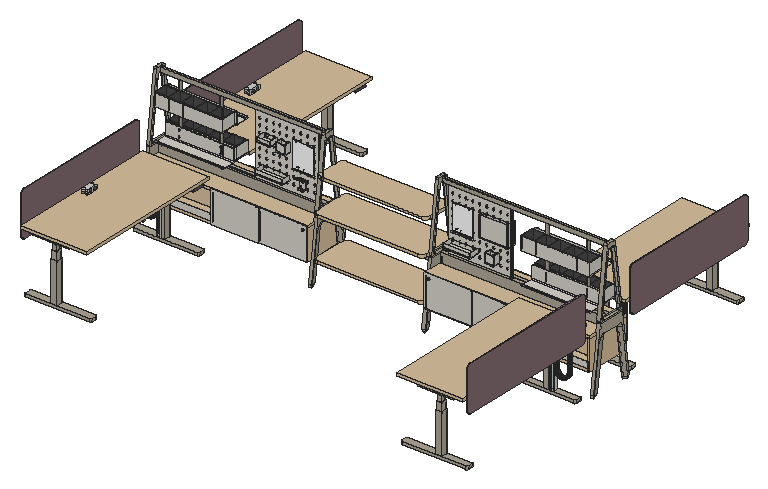
Revit family "Layout-Teknion-Expansion_Cityline_Upper_Structure_01-R2021", category Furniture Systems, Revit 2021 (continued)
Definition of nested family "Electrical-Teknion-JNHEA_Vertical_Wire_Carrier-R2021"
  Dimensions and locks (in)
    plane 1 "Center Front/Back" to Sweep 7 sketch curve to Sweep 7 sketch curve = 1.52756" locked, 0.60236" locked
    Sweep 7 sketch curve to plane 11 to Sweep 7 sketch curve to Sweep 7 sketch curve to Sweep 7 sketch curve to Sweep 7 sketch curve to Sweep 7 sketch curve to Sweep 7 sketch curve to Sweep 7 sketch curve to Sweep 7 sketch curve to Sweep 7 sketch curve to Sweep 7 sketch curve to Sweep 7 sketch curve to Sweep 7 sketch curve to Sweep 7 sketch curve to Sweep 7 sketch curve to Sweep 7 sketch curve to Sweep 7 sketch curve to Sweep 7 sketch curve to Sweep 7 sketch curve to Sweep 7 sketch curve to Sweep 7 sketch curve to Sweep 7 sketch curve to Sweep 7 sketch curve to Sweep 7 sketch curve to Sweep 7 sketch curve to Sweep 7 sketch curve to Sweep 7 sketch curve to Sweep 7 sketch curve to Sweep 7 sketch curve to Sweep 7 sketch curve to Sweep 7 sketch curve to Sweep 7 sketch curve to Sweep 7 sketch curve to Sweep 7 sketch curve to Sweep 7 sketch curve to Sweep 7 sketch curve to Sweep 7 sketch curve to Sweep 7 sketch curve to Sweep 7 sketch curve to Sweep 7 sketch curve to Sweep 7 sketch curve to Sweep 7 sketch curve to Sweep 7 sketch curve = 0.37992" locked, 0.37992" locked, 0.37992" locked, 0.37992" locked, 0.37992" locked, 0.37992" locked, 0.37992" locked, 0.37992" locked, 0.37992" locked, 0.37992" locked, 0.37992" locked, 0.37992" locked, 0.37992" locked, 0.37992" locked, 0.37992" locked, 0.37992" locked, 0.37992" locked, 0.37992" locked, 0.37992" locked, 0.37992" locked, 0.37992" locked, 0.37992" locked, 0.37992" locked, 0.37992" locked, 0.37992" locked, 0.37992" locked, 0.37992" locked, 0.37992" locked, 0.37992" locked, 0.37992" locked, 0.37992" locked, 0.37992" locked, 0.37992" locked, 0.37992" locked, 0.37992" locked, 0.37992" locked, 0.37992" locked, 0.37992" locked, 0.37992" locked, 0.37992" locked, 0.37992" locked, 0.37992" locked, 0.37992" locked
    plane 11 to Sweep 7 sketch curve to Sweep 7 sketch curve to Sweep 7 sketch curve to Sweep 7 sketch curve to Sweep 7 sketch curve to Sweep 7 sketch curve to Sweep 7 sketch curve to Sweep 7 sketch curve to Sweep 7 sketch curve to Sweep 7 sketch curve to Sweep 7 sketch curve to Sweep 7 sketch curve to Sweep 7 sketch curve to Sweep 7 sketch curve to Sweep 7 sketch curve to Sweep 7 sketch curve = 9.79947" locked, 0.37992" locked, 0.37992" locked, 0.37992" locked, 0.37992" locked, 0.37992" locked, 0.37992" locked, 0.37992" locked, 0.37992" locked, 0.37992" locked, 0.37992" locked, 0.37992" locked, 0.37992" locked, 0.37992" locked, 0.37992" locked, 0.37992" locked
    Sweep 7 sketch curve to Sweep 7 sketch curve to Sweep 7 sketch curve to Sweep 7 sketch curve to Sweep 7 sketch curve to Sweep 7 sketch curve to Sweep 7 sketch curve to Sweep 7 sketch curve to Sweep 7 sketch curve to Sweep 7 sketch curve to Sweep 7 sketch curve to Sweep 7 sketch curve to Sweep 7 sketch curve to Sweep 7 sketch curve to Sweep 7 sketch curve to Sweep 7 sketch curve to Sweep 7 sketch curve to Sweep 7 sketch curve to Sweep 7 sketch curve to Sweep 7 sketch curve to Sweep 7 sketch curve to Sweep 7 sketch curve to plane 1 "Center Front/Back" to Sweep 7 sketch curve to Sweep 7 sketch curve to Sweep 7 sketch curve to Sweep 7 sketch curve to Sweep 7 sketch curve to Sweep 7 sketch curve to Sweep 7 sketch curve to Sweep 7 sketch curve to Sweep 7 sketch curve to Sweep 7 sketch curve to Sweep 7 sketch curve to Sweep 7 sketch curve to Sweep 7 sketch curve to Sweep 7 sketch curve to Sweep 7 sketch curve to Sweep 7 sketch curve to Sweep 7 sketch curve = 0.18434" locked, 0.08184" locked, 0.06762" locked, 0.24584" locked, 0.01964" locked, 0.00069" locked, 0.14877" locked, 0.29807" locked, 0.01964" locked, 0.092" locked, 0.37318" locked, 0.11164" locked, 0.23465" locked, 0.23194" locked, 0.23465" locked, 0.34031" locked, 0.07355" locked, 0.34031" locked, 0.33048" locked, 0.09029" locked, 0.33048" locked, 0.17412" locked, 0.04854" locked, 0.24745" locked, 0.22266" locked, 0.09836" locked, 0.3863" locked, 0.06514" locked, 0.03322" locked, 0.26778" locked, 0.12829" locked, 0.02533" locked, 0.00872" locked, 0.03322" locked, 0.21218" locked, 0.04252" locked, 0.11982" locked, 0.15963" locked, 0.02623" locked
    plane 11 to Sweep 7 sketch curve to Sweep 7 sketch curve to Sweep 7 sketch curve to Sweep 7 sketch curve to Sweep 7 sketch curve to Sweep 7 sketch curve to Sweep 7 sketch curve to Sweep 7 sketch curve to Sweep 7 sketch curve to Sweep 7 sketch curve to Sweep 7 sketch curve to Sweep 7 sketch curve to Sweep 7 sketch curve to Sweep 7 sketch curve to Sweep 7 sketch curve to Sweep 7 sketch curve to Sweep 7 sketch curve to Sweep 7 sketch curve to Sweep 7 sketch curve to Sweep 7 sketch curve to Sweep 7 sketch curve to Sweep 7 sketch curve to Sweep 7 sketch curve to Sweep 7 sketch curve to Sweep 7 sketch curve to Sweep 7 sketch curve to Sweep 7 sketch curve to Sweep 7 sketch curve to Sweep 7 sketch curve to Sweep 7 sketch curve to Sweep 7 sketch curve to Sweep 7 sketch curve to Sweep 7 sketch curve to Sweep 7 sketch curve to Sweep 7 sketch curve to Sweep 7 sketch curve to Sweep 7 sketch curve to Sweep 7 sketch curve to Sweep 7 sketch curve = 15.8746" locked, 0.00716" locked, 0.37631" locked, 0.07854" locked, 0.28393" locked, 0.03371" locked, 0.03397" locked, 0.05361" locked, 0.27489" locked, 0.07672" locked, 0.18557" locked, 0.06517" locked, 0.12937" locked, 0.08109" locked, 0.1812" locked, 0.06955" locked, 0.07315" locked, 0.05649" locked, 0.28449" locked, 0.07029" locked, 0.07241" locked, 0.01256" locked, 0.04363" locked, 0.00105" locked, 0.31154" locked, 0.02754" locked, 0.07843" locked, 0.01256" locked, 0.04068" locked, 0.00105" locked, 0.02958" locked, 0.00941" locked, 0.23142" locked, 0.02112" locked, 0.09278" locked, 0.00462" locked, 0.03427" locked, 0.20194" locked, 0.01171" locked
    Sweep 8 sketch curve to plane 3 "Center Left/Right" to Sweep 8 sketch curve = 0.59252" locked, 0.59252" locked
    Sweep 8 sketch curve to plane 1 "Center Front/Back" to Sweep 8 sketch curve = 2.33346" locked, 4.40945" locked
    Sweep 9 sketch curve to plane 3 "Center Left/Right" to Sweep 9 sketch curve = 0.750" locked, 0.750" locked
    plane 11 to Sweep 9 sketch curve to Sweep 9 sketch curve to Sweep 9 sketch curve to Sweep 9 sketch curve to Sweep 9 sketch curve to Sweep 9 sketch curve = 8.96088" locked, 0.19685" locked, 0.26181" locked, 0.000" locked, 0.000" locked, 0.37992" locked
    locked: plane 8 "Top" to Sweep 4 sketch curve at 0.07874
    "Wire Carrier Distance": plane 8 "Top" to plane 11
    plane 8 "Top" to Sweep 8 sketch curve to Sweep 8 sketch curve = 0.07874" locked, 21.15526" locked
    locked: plane 8 "Top" to Sweep 10 sketch curve at 0.5
    "Cut-Out - 1": Sweep 10 sketch curve to Sweep 10 sketch curve
    locked: Sweep 10 sketch curve to plane 1 "Center Front/Back" at 3.75787
    Sweep 10 sketch curve to plane 3 "Center Left/Right" to Sweep 10 sketch curve = 0.59252" locked, 0.59252" locked
    plane 1 "Center Front/Back" to Sweep 10 sketch curve to Sweep 10 sketch curve = 3.45669" locked, 0.60236" locked
    "Cut-Out - 2": Sweep 11 sketch curve to Sweep 11 sketch curve
    locked: Sweep 11 sketch curve to plane 1 "Center Front/Back" at 3.44633
    locked: plane 8 "Top" to Sweep 11 sketch curve at 17.21822
    locked: Sweep 12 sketch curve to plane 1 "Center Front/Back" at 3.36266
    "Cut-Out - 2": Sweep 12 sketch curve to Sweep 12 sketch curve
    locked: Sweep 13 sketch curve to plane 1 "Center Front/Back" at 3.10485
    locked: plane 8 "Top" to Sweep 13 sketch curve at 18.51201
    "Cut-Out - 2": Sweep 13 sketch curve to Sweep 13 sketch curve
    locked: Sweep 14 sketch curve to plane 1 "Center Front/Back" at 2.6888
    locked: plane 8 "Top" to Sweep 14 sketch curve at 19.04271
    "Cut-Out - 2": Sweep 14 sketch curve to Sweep 14 sketch curve
    locked: Sweep 15 sketch curve to plane 1 "Center Front/Back" at 2.14501
    locked: plane 8 "Top" to Sweep 15 sketch curve at 19.44151
    "Cut-Out - 2": Sweep 15 sketch curve to Sweep 15 sketch curve
    locked: Sweep 16 sketch curve to plane 1 "Center Front/Back" at 1.51381
    locked: plane 8 "Top" to Sweep 16 sketch curve at 19.67873
    "Cut-Out - 2": Sweep 16 sketch curve to Sweep 16 sketch curve
    locked: Sweep 17 sketch curve to plane 1 "Center Front/Back" at 0.84207
    locked: plane 8 "Top" to Sweep 17 sketch curve at 19.73731
    "Cut-Out - 2": Sweep 17 sketch curve to Sweep 17 sketch curve
    locked: Sweep 18 sketch curve to plane 1 "Center Front/Back" at 0.17939
    locked: plane 8 "Top" to Sweep 18 sketch curve at 19.6127
    "Cut-Out - 2": Sweep 18 sketch curve to Sweep 18 sketch curve
    locked: plane 1 "Center Front/Back" to Sweep 19 sketch curve at 0.86924
    locked: plane 8 "Top" to Sweep 19 sketch curve at 18.94324
    "Cut-Out - 2": Sweep 19 sketch curve to Sweep 19 sketch curve
    "Cut-Out - 2": Sweep 20 sketch curve to Sweep 20 sketch curve
    locked: plane 8 "Top" to Sweep 21 sketch curve at 17.79554
    "Cut-Out - 2": Sweep 21 sketch curve to Sweep 21 sketch curve
    "Cut-Out - 2": Sweep 22 sketch curve to Sweep 22 sketch curve
    locked: plane 1 "Center Front/Back" to Sweep 22 sketch curve at 1.51613
    locked: plane 8 "Top" to Sweep 22 sketch curve at 17.07159
    locked: plane 1 "Center Front/Back" to Sweep 23 sketch curve at 1.52697
    locked: plane 8 "Top" to Sweep 23 sketch curve at 16.32516
    "Cut-Out - 2": Sweep 23 sketch curve to Sweep 23 sketch curve
    locked: plane 8 "Top" to Sweep 24 sketch curve at 10.43091
    locked: plane 1 "Center Front/Back" to Sweep 24 sketch curve at 1.52756
    "Cut-Out - 3": Sweep 24 sketch curve to Sweep 24 sketch curve
    Sweep 24 sketch curve to plane 3 "Center Left/Right" to Sweep 24 sketch curve = 0.59252" locked, 0.59252" locked
    Sweep 24 sketch curve to Sweep 24 sketch curve to plane 1 "Center Front/Back" = 0.60236" locked, 1.52756" locked
    locked: plane 1 "Center Front/Back" to Sweep 21 sketch curve at 1.47561
    locked: plane 8 "Top" to Sweep 12 sketch curve at 17.93777
    locked: plane 1 "Center Front/Back" to Sweep 20 sketch curve at 0.9715
    locked: plane 8 "Top" to Sweep 20 sketch curve at 18.79901
    Sweep 9 sketch curve to Sweep 9 sketch curve to Sweep 9 sketch curve to Sweep 9 sketch curve to Sweep 9 sketch curve to Sweep 9 sketch curve to plane 1 "Center Front/Back" = 0.83465" locked, 0.07874" locked, 0.37992" locked, 0.37992" locked, 0.07874" locked, 1.37008" locked
    locked: nested 1 to plane 7 "Front" at 0.6811
    locked: plane 1 "Center Front/Back" to Sweep 11 sketch curve (angle 5.10579°)
    locked: plane 1 "Center Front/Back" to Sweep 12 sketch curve (angle 20.45°)
    locked: plane 1 "Center Front/Back" to Sweep 13 sketch curve (angle 36.0842°)
    locked: plane 1 "Center Front/Back" to Sweep 14 sketch curve (angle 51.7184°)
    locked: plane 1 "Center Front/Back" to Sweep 15 sketch curve (angle 67.3526°)
    locked: plane 1 "Center Front/Back" to Sweep 16 sketch curve (angle 82.9868°)
    locked: plane 1 "Center Front/Back" to Sweep 17 sketch curve (angle 98.621°)
    locked: plane 1 "Center Front/Back" to Sweep 18 sketch curve (angle 114.255°)
    locked: Sweep 19 sketch curve to plane 1 "Center Front/Back" (angle 50.1106°)
    locked: Sweep 20 sketch curve to plane 1 "Center Front/Back" (angle 34.4764°)
    locked: Sweep 21 sketch curve to plane 1 "Center Front/Back" (angle 18.8422°)
    locked: Sweep 22 sketch curve to plane 1 "Center Front/Back" (angle 3.20799°)
    locked: Sweep 23 sketch curve to plane 1 "Center Front/Back" (angle 0.681167°)
    aligned and locked: level to plane 2
    aligned and locked: Sweep 1 sketch curve to plane 3 "Center Left/Right"
    aligned and locked: plane 9 to Sweep 1 sketch curve
    aligned and locked: plane 10 to Sweep 1 sketch curve
    aligned and locked: Sweep 1 sketch curve to plane 4 "Left"
    aligned and locked: Sweep 1 sketch curve to plane 5 "Right"
    aligned and locked: plane 7 "Front" to Sweep 1 sketch curve  (x2)
    aligned and locked: Sweep 1 sketch curve to Sweep 1 sketch curve  (x2)
    aligned and locked: Sweep 2 sketch curve to plane 1 "Center Front/Back"
    aligned and locked: plane 4 "Left" to Sweep 2 sketch curve
    aligned and locked: plane 5 "Right" to Sweep 2 sketch curve
    aligned and locked: plane 9 to Sweep 2 sketch curve
    aligned and locked: Sweep 3 sketch curve to plane 3 "Center Left/Right"
    aligned and locked: Sweep 3 sketch curve to plane 10
    aligned and locked: Sweep 4 sketch curve to plane 1 "Center Front/Back"
    aligned and locked: Sweep 4 sketch curve to Sweep 4 sketch curve  (x57)
    aligned and locked: Sweep 4 sketch curve to plane 8 "Top"
    aligned and locked: plane 1 "Center Front/Back" to Sweep 5 sketch curve
    aligned and locked: Sweep 5 sketch curve to Sweep 5 sketch curve  (x57)
    aligned and locked: Sweep 6 sketch curve to plane 1 "Center Front/Back"
    aligned and locked: plane 1 "Center Front/Back" to Sweep 7 sketch curve
    aligned and locked: Sweep 7 sketch curve to Sweep 7 sketch curve  (x56)
    aligned and locked: Sweep 8 sketch curve to plane 1 "Center Front/Back"
    aligned and locked: Sweep 9 sketch curve to plane 1 "Center Front/Back"
    aligned and locked: plane 11 to Sweep 4 sketch curve
    aligned and locked: Sweep 7 sketch curve to plane 11
    aligned and locked: Masking region 1 sketch curve to cut or joined group of Sweep 1, Sweep 2, Sweep 3  (x9)
    aligned and locked: Masking region 1 sketch curve to Sweep 9  (x2)
    aligned and locked: Masking region 1 sketch curve to cut or joined group 1 (Sweep 4, Sweep 5, Sweep 6, Sweep 10, Sweep 11, Sweep 12, Sweep 13, Sweep 14, Sweep 15, Sweep 16, Sweep 17, Sweep 18, Sweep 19, Sweep 20, Sweep 21, Sweep 22, Sweep 23, Sweep 24)  (x5)
    aligned and locked: cut or joined group 1 to Masking region 1 sketch curve  (x6)
    aligned and locked: cut or joined group of Sweep 7, Sweep 8 to Masking region 1 sketch curve  (x2)
    aligned and locked: Masking region 1 sketch curve to cut or joined group of Sweep 7, Sweep 8  (x8)
    aligned and locked: cut or joined group of Sweep 1, Sweep 2, Sweep 3 to Masking region 2 sketch curve  (x4)
    aligned and locked: Masking region 2 sketch curve to Sweep 9  (x3)
    aligned and locked: Masking region 2 sketch curve to cut or joined group of Sweep 1, Sweep 2, Sweep 3  (x4)
    aligned and locked: Masking region 2 sketch curve to cut or joined group 1  (x9)
    aligned and locked: cut or joined group 1 to Masking region 2 sketch curve  (x8)
    aligned and locked: cut or joined group of Sweep 7, Sweep 8 to Masking region 2 sketch curve  (x3)
    aligned and locked: Masking region 2 sketch curve to cut or joined group of Sweep 7, Sweep 8  (x18)
    aligned and locked: curve 1 to cut or joined group 1
    aligned and locked: curve 2 to cut or joined group 1
    aligned and locked: curve 3 to cut or joined group of Sweep 7, Sweep 8
    aligned and locked: curve 4 to cut or joined group of Sweep 7, Sweep 8
    aligned and locked: cut or joined group of Sweep 7, Sweep 8 to curve 6
    aligned and locked: cut or joined group 1 to curve 10
    aligned and locked: cut or joined group of Sweep 7, Sweep 8 to curve 7
    aligned and locked: cut or joined group 1 to curve 8
    aligned and locked: curve 9 to cut or joined group 1
    aligned and locked: curve 11 to cut or joined group 1
    aligned and locked: curve 12 to cut or joined group 1
    aligned and locked: cut or joined group of Sweep 7, Sweep 8 to curve 17
    aligned and locked: curve 14 to cut or joined group 1
    aligned and locked: curve 15 to cut or joined group of Sweep 7, Sweep 8
    aligned and locked: curve 18 to cut or joined group of Sweep 7, Sweep 8
    aligned and locked: curve 19 to cut or joined group of Sweep 7, Sweep 8
    aligned and locked: curve 22 to cut or joined group 1
    aligned and locked: curve 24 to cut or joined group of Sweep 7, Sweep 8
    aligned and locked: curve 25 to cut or joined group of Sweep 7, Sweep 8
    aligned and locked: cut or joined group 1 to curve 29
    aligned and locked: cut or joined group of Sweep 7, Sweep 8 to curve 28
    aligned and locked: curve 27 to cut or joined group of Sweep 7, Sweep 8
    aligned and locked: curve 26 to cut or joined group 1
    aligned and locked: curve 32 to cut or joined group 1
    aligned and locked: curve 33 to cut or joined group 1
    aligned and locked: curve 34 to cut or joined group of Sweep 7, Sweep 8
    aligned and locked: curve 35 to cut or joined group of Sweep 7, Sweep 8
    aligned and locked: cut or joined group 1 to curve 38
    aligned and locked: cut or joined group of Sweep 7, Sweep 8 to curve 39
    aligned and locked: curve 36 to cut or joined group 1
    aligned and locked: curve 37 to cut or joined group of Sweep 7, Sweep 8
    aligned and locked: curve 42 to cut or joined group 1
    aligned and locked: curve 44 to cut or joined group of Sweep 7, Sweep 8
    aligned and locked: curve 45 to cut or joined group of Sweep 7, Sweep 8
    aligned and locked: curve 46 to cut or joined group 1
    aligned and locked: cut or joined group 1 to curve 50
    aligned and locked: cut or joined group of Sweep 7, Sweep 8 to curve 49
    aligned and locked: curve 47 to cut or joined group 1
    aligned and locked: curve 53 to cut or joined group 1
    aligned and locked: cut or joined group 1 to curve 56
    aligned and locked: curve 55 to cut or joined group 1
    aligned and locked: curve 57 to cut or joined group 1
    aligned and locked: curve 58 to cut or joined group 1
    aligned and locked: cut or joined group 1 to curve 59
    aligned and locked: cut or joined group of Sweep 7, Sweep 8 to curve 60
    aligned and locked: curve 63 to cut or joined group of Sweep 7, Sweep 8
    aligned and locked: curve 65 to cut or joined group 1
    aligned and locked: curve 66 to cut or joined group 1
    aligned and locked: curve 68 to cut or joined group 1
    aligned and locked: cut or joined group 1 to curve 67
    aligned and locked: curve 70 to cut or joined group of Sweep 7, Sweep 8
    aligned and locked: cut or joined group of Sweep 7, Sweep 8 to curve 69
    aligned and locked: curve 73 to cut or joined group 1
    aligned and locked: curve 76 to cut or joined group 1
    aligned and locked: cut or joined group 1 to curve 74
    aligned and locked: cut or joined group of Sweep 7, Sweep 8 to curve 75
    aligned and locked: curve 77 to cut or joined group of Sweep 7, Sweep 8
    aligned and locked: curve 82 to cut or joined group 1
    aligned and locked: cut or joined group 1 to curve 90
    aligned and locked: cut or joined group 1 to curve 85
    aligned and locked: cut or joined group of Sweep 7, Sweep 8 to curve 86
    aligned and locked: curve 87 to cut or joined group of Sweep 7, Sweep 8
    aligned and locked: curve 93 to Sweep 9
    aligned and locked: curve 94 to Sweep 9
    aligned and locked: cut or joined group of Sweep 1, Sweep 2, Sweep 3 to curve 96
    aligned and locked: curve 95 to cut or joined group of Sweep 1, Sweep 2, Sweep 3
    aligned and locked: curve 97 to cut or joined group of Sweep 1, Sweep 2, Sweep 3
    aligned and locked: curve 98 to cut or joined group of Sweep 1, Sweep 2, Sweep 3
    aligned and locked: curve 99 to cut or joined group of Sweep 1, Sweep 2, Sweep 3
    aligned and locked: curve 100 to cut or joined group of Sweep 1, Sweep 2, Sweep 3
    aligned and locked: cut or joined group of Sweep 1, Sweep 2, Sweep 3 to curve 101
    aligned and locked: curve 102 to cut or joined group of Sweep 1, Sweep 2, Sweep 3
    aligned and locked: curve 104 to cut or joined group of Sweep 1, Sweep 2, Sweep 3
    aligned and locked: curve 105 to Sweep 9
    aligned and locked: curve 106 to Sweep 9
    aligned and locked: curve 107 to cut or joined group 1
    aligned and locked: curve 108 to cut or joined group 1
    aligned and locked: curve 109 to cut or joined group 1
    aligned and locked: curve 110 to cut or joined group 1
    aligned and locked: curve 111 to cut or joined group of Sweep 7, Sweep 8
    aligned and locked: curve 114 to cut or joined group of Sweep 7, Sweep 8
    aligned and locked: curve 115 to cut or joined group of Sweep 7, Sweep 8
    aligned and locked: curve 116 to cut or joined group 1
    aligned and locked: curve 117 to cut or joined group 1
    aligned and locked: curve 118 to cut or joined group of Sweep 7, Sweep 8
    aligned and locked: curve 119 to cut or joined group 1
    aligned and locked: curve 120 to cut or joined group 1
    aligned and locked: curve 121 to cut or joined group of Sweep 7, Sweep 8
    aligned and locked: curve 122 to cut or joined group of Sweep 7, Sweep 8
    aligned and locked: curve 123 to cut or joined group of Sweep 7, Sweep 8
    aligned and locked: curve 124 to cut or joined group of Sweep 7, Sweep 8
    aligned and locked: curve 125 to cut or joined group of Sweep 7, Sweep 8
    aligned and locked: curve 113 to cut or joined group of Sweep 7, Sweep 8
    aligned and locked: cut or joined group of Sweep 7, Sweep 8 to curve 126
    aligned and locked: curve 127 to cut or joined group of Sweep 7, Sweep 8
    aligned and locked: curve 129 to Sweep 9
    aligned and locked: curve 130 to cut or joined group 1
    aligned and locked: curve 131 to cut or joined group 1
    aligned and locked: curve 136 to cut or joined group of Sweep 7, Sweep 8
    aligned and locked: curve 137 to cut or joined group of Sweep 7, Sweep 8
    aligned and locked: curve 138 to cut or joined group of Sweep 7, Sweep 8
    aligned and locked: curve 139 to cut or joined group of Sweep 7, Sweep 8
    aligned and locked: curve 140 to cut or joined group 1
    aligned and locked: curve 141 to cut or joined group 1
    aligned and locked: curve 150 to cut or joined group 1
    aligned and locked: curve 151 to cut or joined group 1
    aligned and locked: curve 152 to cut or joined group of Sweep 7, Sweep 8
    aligned and locked: curve 153 to cut or joined group of Sweep 7, Sweep 8
    aligned and locked: curve 156 to cut or joined group of Sweep 7, Sweep 8
    aligned and locked: curve 157 to cut or joined group of Sweep 7, Sweep 8
    aligned and locked: curve 158 to cut or joined group of Sweep 7, Sweep 8
    aligned and locked: curve 159 to cut or joined group of Sweep 7, Sweep 8
    aligned and locked: curve 160 to cut or joined group of Sweep 7, Sweep 8
    aligned and locked: curve 161 to cut or joined group of Sweep 7, Sweep 8
    aligned and locked: curve 162 to cut or joined group 1
    aligned and locked: curve 163 to cut or joined group 1
    aligned and locked: curve 164 to cut or joined group of Sweep 7, Sweep 8
    aligned and locked: curve 165 to cut or joined group of Sweep 7, Sweep 8
    aligned and locked: curve 166 to cut or joined group 1
    aligned and locked: curve 167 to cut or joined group 1
    aligned and locked: curve 168 to cut or joined group of Sweep 7, Sweep 8
    aligned and locked: curve 169 to cut or joined group of Sweep 7, Sweep 8
    aligned and locked: curve 170 to cut or joined group of Sweep 7, Sweep 8
    aligned and locked: curve 171 to cut or joined group of Sweep 7, Sweep 8
    aligned and locked: curve 172 to cut or joined group 1
    aligned and locked: curve 173 to cut or joined group 1
    aligned and locked: curve 174 to cut or joined group of Sweep 7, Sweep 8
    aligned and locked: curve 175 to cut or joined group of Sweep 7, Sweep 8
    aligned and locked: curve 176 to cut or joined group 1
    aligned and locked: curve 177 to cut or joined group 1
    aligned and locked: curve 178 to cut or joined group of Sweep 7, Sweep 8
    aligned and locked: curve 179 to cut or joined group of Sweep 7, Sweep 8
    aligned and locked: curve 180 to cut or joined group 1
    aligned and locked: curve 181 to cut or joined group of Sweep 7, Sweep 8
    aligned and locked: curve 182 to cut or joined group of Sweep 7, Sweep 8
    aligned and locked: curve 183 to cut or joined group 1
    aligned and locked: curve 184 to cut or joined group 1
    aligned and locked: curve 185 to cut or joined group of Sweep 7, Sweep 8
    aligned and locked: curve 186 to cut or joined group of Sweep 7, Sweep 8
    aligned and locked: curve 187 to cut or joined group of Sweep 7, Sweep 8
    aligned and locked: curve 188 to cut or joined group of Sweep 7, Sweep 8
    aligned and locked: cut or joined group of Sweep 7, Sweep 8 to curve 190
    aligned and locked: curve 189 to cut or joined group of Sweep 7, Sweep 8
    aligned and locked: curve 191 to cut or joined group 1
    aligned and locked: curve 192 to cut or joined group 1
    aligned and locked: curve 193 to cut or joined group 1
    aligned and locked: curve 194 to cut or joined group of Sweep 7, Sweep 8
    aligned and locked: curve 195 to cut or joined group of Sweep 7, Sweep 8
    aligned and locked: curve 196 to cut or joined group of Sweep 7, Sweep 8
    aligned and locked: curve 197 to cut or joined group of Sweep 7, Sweep 8
    aligned and locked: curve 199 to cut or joined group of Sweep 7, Sweep 8
    aligned and locked: curve 198 to cut or joined group of Sweep 7, Sweep 8
    aligned and locked: curve 200 to cut or joined group 1
    aligned and locked: curve 201 to cut or joined group 1
    aligned and locked: curve 202 to cut or joined group 1
    aligned and locked: curve 203 to cut or joined group of Sweep 7, Sweep 8
    aligned and locked: curve 204 to curve 49
    aligned and locked: curve 205 to cut or joined group 1
    aligned and locked: curve 206 to cut or joined group 1
    aligned and locked: curve 225 to cut or joined group 1
    aligned and locked: curve 226 to cut or joined group 1
    aligned and locked: curve 227 to cut or joined group 1
    aligned and locked: curve 228 to cut or joined group 1
    aligned and locked: curve 229 to cut or joined group 1
    aligned and locked: cut or joined group 1 to curve 234
    aligned and locked: curve 235 to cut or joined group of Sweep 7, Sweep 8
    aligned and locked: curve 236 to cut or joined group of Sweep 7, Sweep 8
    aligned and locked: curve 231 to cut or joined group 1
    aligned and locked: curve 237 to cut or joined group of Sweep 7, Sweep 8
    aligned and locked: curve 238 to cut or joined group of Sweep 7, Sweep 8
    aligned and locked: curve 245 to cut or joined group of Sweep 7, Sweep 8
    aligned and locked: cut or joined group of Sweep 7, Sweep 8 to curve 244
    aligned and locked: curve 240 to cut or joined group 1
    aligned and locked: curve 241 to cut or joined group 1
    aligned and locked: curve 243 to cut or joined group 1
    aligned and locked: curve 246 to cut or joined group 1
    aligned and locked: curve 250 to cut or joined group 1
    aligned and locked: curve 248 to cut or joined group 1
    aligned and locked: cut or joined group of Sweep 7, Sweep 8 to curve 251
    aligned and locked: curve 252 to cut or joined group of Sweep 7, Sweep 8
    aligned and locked: curve 254 to cut or joined group 1
    aligned and locked: curve 256 to cut or joined group 1
    aligned and locked: curve 257 to cut or joined group 1
    aligned and locked: curve 255 to cut or joined group 1
    aligned and locked: curve 258 to cut or joined group 1
    aligned and locked: curve 259 to cut or joined group 1
    aligned and locked: curve 261 to cut or joined group 1
    aligned and locked: curve 264 to cut or joined group of Sweep 7, Sweep 8
    aligned and locked: curve 262 to cut or joined group of Sweep 7, Sweep 8
    aligned and locked: cut or joined group 1 to curve 271
    aligned and locked: curve 270 to cut or joined group 1
    aligned and locked: curve 272 to cut or joined group 1
    aligned and locked: curve 274 to cut or joined group of Sweep 7, Sweep 8
    aligned and locked: curve 275 to cut or joined group of Sweep 7, Sweep 8
    aligned and locked: curve 276 to cut or joined group of Sweep 7, Sweep 8
    aligned and locked: curve 278 to cut or joined group 1
    aligned and locked: curve 279 to cut or joined group 1
    aligned and locked: cut or joined group of Sweep 7, Sweep 8 to curve 283
    aligned and locked: curve 282 to cut or joined group of Sweep 7, Sweep 8
    aligned and locked: curve 290 to cut or joined group 1
    aligned and locked: cut or joined group of Sweep 7, Sweep 8 to curve 289
    aligned and locked: curve 288 to cut or joined group 1
    aligned and locked: curve 285 to cut or joined group 1
    aligned and locked: curve 286 to cut or joined group 1
    aligned and locked: curve 291 to cut or joined group 1
    aligned and locked: curve 293 to cut or joined group 1
    aligned and locked: curve 294 to cut or joined group 1
    aligned and locked: curve 292 to cut or joined group 1
    aligned and locked: curve 295 to cut or joined group 1
    aligned and locked: curve 297 to cut or joined group 1
    aligned and locked: curve 298 to Sweep 9
    aligned and locked: cut or joined group 1 to curve 300
    aligned and locked: curve 301 to cut or joined group 1
    aligned and locked: curve 299 to cut or joined group 1
    aligned and locked: curve 318 to Sweep 9
    aligned and locked: curve 319 to cut or joined group 1
    aligned and locked: curve 320 to cut or joined group 1
    aligned and locked: curve 321 to cut or joined group 1
    aligned and locked: curve 322 to cut or joined group 1
    aligned and locked: curve 323 to cut or joined group of Sweep 7, Sweep 8
    aligned and locked: curve 325 to cut or joined group of Sweep 7, Sweep 8
    aligned and locked: curve 328 to cut or joined group 1
    aligned and locked: curve 329 to cut or joined group 1
    aligned and locked: curve 332 to cut or joined group of Sweep 7, Sweep 8
    aligned and locked: curve 333 to cut or joined group of Sweep 7, Sweep 8
    aligned and locked: curve 334 to cut or joined group 1
    aligned and locked: curve 335 to cut or joined group 1
    aligned and locked: curve 338 to cut or joined group 1
    aligned and locked: curve 343 to Sweep 9
    aligned and locked: curve 344 to cut or joined group 1
    aligned and locked: curve 345 to cut or joined group 1
    aligned and locked: curve 346 to cut or joined group 1
    aligned and locked: curve 347 to cut or joined group 1
    aligned and locked: curve 350 to Sweep 9
    aligned and locked: curve 351 to cut or joined group of Sweep 7, Sweep 8
    aligned and locked: curve 352 to cut or joined group of Sweep 7, Sweep 8
    aligned and locked: curve 354 to cut or joined group 1
    aligned and locked: curve 355 to cut or joined group 1
    aligned and locked: curve 359 to cut or joined group 1
    aligned and locked: curve 361 to cut or joined group 1
    aligned and locked: curve 365 to cut or joined group 1
    aligned and locked: curve 366 to cut or joined group 1
    aligned and locked: curve 368 to cut or joined group 1
    aligned and locked: curve 373 to cut or joined group 1
    aligned and locked: curve 374 to cut or joined group 1
